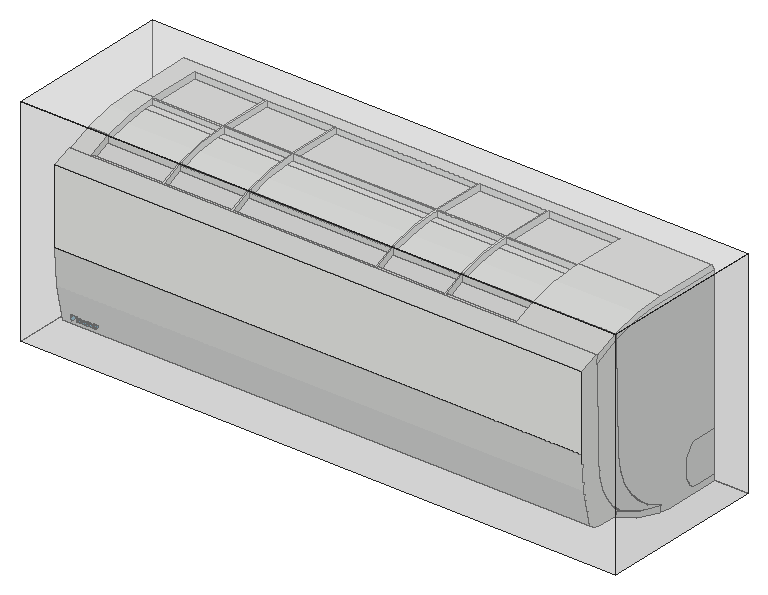
Revit family "outputfile", category 機械設備, Revit 2024
Family settings
  丸型コネクタ寸法 = 半径を使用
  パーツ タイプ = 標準
  OmniClass 番号 = 23.75.10.24.21.27.27
  OmniClass タイトル = Split System Air Conditioning Units
  作業面ベース = いいえ
  常に垂直 = はい
  ロード時にボイドで切り取り = いいえ
  注釈の向きを維持 = いいえ
  共有 = いいえ
  部屋計算ポイント = いいえ
Parameters (values of type "FTKC35TVM4")
  Description = ""
  書き出し IFC クラス(タイプ) = "IfcUnitaryEquipmentType"
  定義済み IFC タイプ(タイプ) = "AIRCONDITIONINGUNIT"
  Cost = 0
  Type Comments = ""
  Keynote = ""
  Type Image = (empty or 0)
  Assembly Code = ""
  w_wall hole = if(Width = 770.0 mm, 48.0 mm, 60.0 mm)  # 48.0 mm
  製造元 = "Daikin"
  モデル = "FTKC35TVM4"
  switch_frequency = yes
  r_Liquid Pipe Size = Liquid Pipe Size / 2  # 3.2 mm
  r_Gas Pipe Size = Gas Pipe Size / 2  # 4.75 mm
  r_Drain Pipe Size = Drain Pipe Size / 2  # 8.0 mm
  lw_powersupply [instance] = if(Width = 770.0 mm, if(or(Rear Right Connection_refrigerant, Bottom Right Connection_refrigerant), 30.0 mm, if(or(Rear Left Connection_refrigerant, Bottom Left Connection_refrigerant), 740.0 mm, 385.0 mm)), if(Width = 990.0 mm, if(or(Rear Right Connection_refrigerant, Bottom Right Connection_refrigerant), 80.0 mm, if(or(Rear Left Connection_refrigerant, Bottom Left Connection_refrigerant), 920.0 mm, 495.0 mm)), if(or(Rear Right Connection_refrigerant, Bottom Right Connection_refrigerant), 80.0 mm, if(or(Rear Left Connection_refrigerant, Bottom Left Connection_refrigerant), 920.0 mm, 495.0 mm))))  # 385.0 mm
  lw_liquidpipe [instance] = if(Width = 770.0 mm, if(or(Rear Right Connection_refrigerant, Bottom Right Connection_refrigerant), 0.0 mm, if(or(Rear Left Connection_refrigerant, Bottom Left Connection_refrigerant), 674.0 mm, 400.0 mm)), if(Width = 990.0 mm, if(or(Rear Right Connection_refrigerant, Bottom Right Connection_refrigerant), 9.0 mm, if(or(Rear Left Connection_refrigerant, Bottom Left Connection_refrigerant), 871.0 mm, 475.0 mm)), if(or(Rear Right Connection_refrigerant, Bottom Right Connection_refrigerant), 9.0 mm, if(or(Rear Left Connection_refrigerant, Bottom Left Connection_refrigerant), 871.0 mm, 475.0 mm))))  # 400.0 mm
  lw_gaspipe [instance] = if(Width = 770.0 mm, if(or(Rear Right Connection_refrigerant, Bottom Right Connection_refrigerant), 0.0 mm, if(or(Rear Left Connection_refrigerant, Bottom Left Connection_refrigerant), 674.0 mm, 350.0 mm)), if(Width = 990.0 mm, if(or(Rear Right Connection_refrigerant, Bottom Right Connection_refrigerant), 0.0 mm, if(or(Rear Left Connection_refrigerant, Bottom Left Connection_refrigerant), 880.0 mm, 400.0 mm)), if(or(Rear Right Connection_refrigerant, Bottom Right Connection_refrigerant), 0.0 mm, if(or(Rear Left Connection_refrigerant, Bottom Left Connection_refrigerant), 880.0 mm, 400.0 mm))))  # 350.0 mm
  lw_drainpipe [instance] = if(Width = 770.0 mm, if(or(Rear Right Connection_refrigerant, Bottom Right Connection_refrigerant), 0.0 mm, if(or(Rear Left Connection_refrigerant, Bottom Left Connection_refrigerant), 674.0 mm, 465.0 mm)), if(Width = 990.0 mm, if(or(Rear Right Connection_refrigerant, Bottom Right Connection_refrigerant), 0.0 mm, if(or(Rear Left Connection_refrigerant, Bottom Left Connection_refrigerant), 880.0 mm, 435.0 mm)), if(or(Rear Right Connection_refrigerant, Bottom Right Connection_refrigerant), 0.0 mm, if(or(Rear Left Connection_refrigerant, Bottom Left Connection_refrigerant), 880.0 mm, 435.0 mm))))  # 465.0 mm
  l_powersupply_length [instance] = if(Width = 770.0 mm, if(Right Connection_refrigerant, 385.0 mm, if(Left Connection_refrigerant, 385.0 mm, if(or(Rear Left Connection_refrigerant, Rear Right Connection_refrigerant), 15.0 mm, 50.0 mm))), if(Width = 990.0 mm, if(Right Connection_refrigerant, 495.0 mm, if(Left Connection_refrigerant, 495.0 mm, if(or(Rear Left Connection_refrigerant, Rear Right Connection_refrigerant), 15.0 mm, 50.0 mm))), if(Right Connection_refrigerant, 495.0 mm, if(Left Connection_refrigerant, 495.0 mm, if(or(Rear Left Connection_refrigerant, Rear Right Connection_refrigerant), 15.0 mm, 50.0 mm)))))  # 385.0 mm
  l_liquidpipe_length [instance] = if(Width = 770.0 mm, if(Right Connection_refrigerant, 448.0 mm, if(Left Connection_refrigerant, 322.0 mm, if(or(Rear Left Connection_refrigerant, Rear Right Connection_refrigerant), 30.0 mm, 40.0 mm))), if(Width = 990.0 mm, if(Right Connection_refrigerant, 535.0 mm, if(Left Connection_refrigerant, 455.0 mm, if(or(Rear Left Connection_refrigerant, Rear Right Connection_refrigerant), 30.0 mm, 40.0 mm))), if(Right Connection_refrigerant, 535.0 mm, if(Left Connection_refrigerant, 455.0 mm, if(or(Rear Left Connection_refrigerant, Rear Right Connection_refrigerant), 30.0 mm, 40.0 mm)))))  # 448.0 mm
  l_gaspipe_length [instance] = if(Width = 770.0 mm, if(Right Connection_refrigerant, 398.0 mm, if(Left Connection_refrigerant, 372.0 mm, if(or(Rear Left Connection_refrigerant, Rear Right Connection_refrigerant), 40.0 mm, 50.0 mm))), if(Width = 990.0 mm, if(Right Connection_refrigerant, 460.0 mm, if(Left Connection_refrigerant, 530.0 mm, if(or(Rear Left Connection_refrigerant, Rear Right Connection_refrigerant), 40.0 mm, 50.0 mm))), if(Right Connection_refrigerant, 460.0 mm, if(Left Connection_refrigerant, 530.0 mm, if(or(Rear Left Connection_refrigerant, Rear Right Connection_refrigerant), 40.0 mm, 50.0 mm)))))  # 398.0 mm
  l_drainpipe_length [instance] = if(Width = 770.0 mm, if(Right Connection_refrigerant, 513.0 mm, if(Left Connection_refrigerant, 257.0 mm, if(or(Rear Left Connection_refrigerant, Rear Right Connection_refrigerant), 15.0 mm, 20.0 mm))), if(Width = 990.0 mm, if(Right Connection_refrigerant, 495.0 mm, if(Left Connection_refrigerant, 495.0 mm, if(or(Rear Left Connection_refrigerant, Rear Right Connection_refrigerant), 15.0 mm, 20.0 mm))), if(Right Connection_refrigerant, 495.0 mm, if(Left Connection_refrigerant, 495.0 mm, if(or(Rear Left Connection_refrigerant, Rear Right Connection_refrigerant), 15.0 mm, 20.0 mm)))))  # 513.0 mm
  h*** = 0.0 mm  # constant formula
  connector_voltage = Voltage_50Hz  # 230 V
  connector_powerinput = [Power Input (Cooling)]  # 0.000 kW
  connector_phase = Phase_50Hz  # 1
  angle_vertical [instance] = if(or(Bottom Left Connection_refrigerant, Bottom Right Connection_refrigerant), 0.00°, 90.00°)  # 90.00°
  angle_horizontal [instance] = if(Right Connection_refrigerant, 90.00°, if(Left Connection_refrigerant, -90.00°, if(or(Rear Left Connection_refrigerant, Rear Right Connection_refrigerant), 180.00°, 0.00°)))  # 90.00°
  Width = 770.0 mm
  Voltage_comment_50Hz = "220 - 240"
  Voltage_50Hz = 230 V
  Version = "ver.1.0"
  Unit Type = "Wall Mounted"
  Unit Mass Weight = 8.00 kg
  Unit Designation [instance] = ""
  Uniclass2015Version = "Products v1.30"
  Uniclass2015Title = "Split coil room air conditioning units"
  Uniclass2015Code = "Pr_70_65_03_86"
  URL = ""
  Total Cooling Capacity [instance] = 0.000 kW
  Sound Pressure Level_M speed (dBA) = 34
  Sound Pressure Level_L speed (dBA) = 26
  Sound Pressure Level_H speed (dBA) = 40
  Sound Power Level_H speed (dB) = 0
  Series = "Single Split_Fan Coil Unit"
  Sensible Cooling Capacity [instance] = 0.000 kW
  Refrigerant Type = "R32"
  Power Input (Cooling) = 0.000 kW
  Phase_50Hz = 1
  Option Accessory 3 [instance] = ""
  Option Accessory 2 [instance] = ""
  Option Accessory 1 [instance] = ""
  Nominal Cooling Capacity = 3.500 kW
  Minimum Circuit Amps_50Hz = 0.0 A
  Minimum Airflow = 330.00 m³/h
  Median Airflow = 462.00 m³/h
  Maximum Fuse Amps_50Hz = 0.0 A
  Maximum Airflow = 678.00 m³/h
  Material_Casing = DAIKIN_PureWhite_Casing_indoorunit
  Load Classification = HVAC
  Liquid Pipe Size = 6.4 mm
  Link_Nested Family [instance] = ""
  IfcVersion = ""
  IfcExportType = "AIRCONDITIONINGUNIT"
  IfcExportAs = "IfcUnitaryEquipmentType"
  Height = 285.0 mm
  Heat Exchanger Type = "Cross Fin Coil"
  Gas Pipe Size = 9.5 mm
  Frequency_50Hz = 50 Hz
  Fan Type = "Cross Flow Fan"
  Fan Drive = "Direct Drive"
  FCU Tag No. [instance] = ""
  Drain Pipe Size = 16.0 mm
  Design Supply Airflow [instance] = 0.00 m³/h
  Depth = 242.0 mm
  既定の高さ = 0.0 mm
  Cooling Entering Wet Bulb Temperature [instance] = 0.00 °C
  Cooling Entering Dry Bulb Temperature [instance] = 0.00 °C
  Cooling Ambient Wet Bulb Temperature [instance] = 0.00 °C
  Cooling Ambient Dry Bulb Temperature [instance] = 0.00 °C
  Clearance visibility [instance] = yes
  Clearance Top = 30.0 mm
  Clearance Right = 50.0 mm
  Clearance Rear = 0.0 mm
  Clearance Left = 50.0 mm
  Clearance Front = 0.0 mm
  Clearance Bottom = 0.0 mm
  Bottom Right Connection_refrigerant [instance] = no
  Bottom Left Connection_refrigerant [instance] = no
  Rear Right Connection_refrigerant [instance] = no
  Rear Left Connection_refrigerant [instance] = no
  Right Connection_refrigerant [instance] = yes
  Left Connection_refrigerant [instance] = no
Reference planes
  plane 1 "Back": y = 0
  plane 2: z = 0
  plane 3 "Center (Left/Right)": x = 0
  plane 4 "Center (Front/Back)": y = -121
  plane 5 "Front": y = -242
  plane 6 "Left": x = -385
  plane 7 "Right": x = 385
  plane 8 "Top": z = 0
  plane 9 "Bottom": z = -285
  plane 10: x = -435
  plane 11: x = 435
  plane 12: y = 0
  plane 13: y = -242
  plane 14: z = 30
  plane 15: z = -285
  plane 16 "lw_Piping and Wiring intake": x = 337
  plane 17 "lw_gaspipe": x = -13
  plane 18 "lw_liquidpipe": x = -63
  plane 19 "lw_drainpipe": x = -128
  plane 20 "lh_drainpipe": z = -265
  plane 21 "lh_liquidpipe": z = -245
  plane 22 "lh_gaspipe": z = -235
  plane 23 "ld_drainpipe": y = -15
  plane 24 "ld_liquidpipe": y = -30
  plane 25 "ld_gaspipe": y = -40
  plane 26 "lw_powersupply": x = 0
Dimensions and locks
  equal spacing: plane 6 "Left", plane 3 "Center (Left/Right)", plane 7 "Right"
  "Width": plane 6 "Left" to plane 7 "Right"
  equal spacing: plane 5 "Front", plane 4 "Center (Front/Back)", plane 1 "Back"
  "Depth": plane 5 "Front" to plane 1 "Back"
  "Height": plane 8 "Top" to plane 9 "Bottom"
  "Clearance Rear": plane 12 to plane 1 "Back"
  "Clearance Front": plane 13 to plane 5 "Front"
  "Clearance Top": plane 14 to plane 8 "Top"
  "Clearance Bottom": plane 9 "Bottom" to plane 15
  "w_wall hole": plane 16 "lw_Piping and Wiring intake" to plane 7 "Right"
  "lw_gaspipe": plane 17 "lw_gaspipe" to plane 16 "lw_Piping and Wiring intake"
  "lw_liquidpipe": plane 18 "lw_liquidpipe" to plane 16 "lw_Piping and Wiring intake"
  "lw_drainpipe": plane 19 "lw_drainpipe" to plane 16 "lw_Piping and Wiring intake"
  locked: plane 20 "lh_drainpipe" to plane 9 "Bottom" at 20
  locked: plane 21 "lh_liquidpipe" to plane 9 "Bottom" at 40
  locked: plane 22 "lh_gaspipe" to plane 9 "Bottom" at 50
  locked: plane 23 "ld_drainpipe" to plane 1 "Back" at 15
  locked: plane 1 "Back" to plane 24 "ld_liquidpipe" at 30
  locked: plane 1 "Back" to plane 25 "ld_gaspipe" at 40
  "lw_powersupply": plane 26 "lw_powersupply" to plane 7 "Right"
  "Clearance Right": plane 7 "Right" to plane 11
  "Clearance Left": plane 10 to plane 6 "Left"
  aligned and locked: level to plane 2
  aligned and locked: plane 12 to nested 1
  aligned and locked: nested 1 to plane 13
  aligned and locked: plane 10 to nested 1
  aligned and locked: plane 11 to nested 1
  aligned and locked: plane 15 to nested 1
  aligned and locked: plane 14 to nested 1
  aligned and locked: plane 17 "lw_gaspipe" to nested 2
  aligned and locked: nested 2 to plane 25 "ld_gaspipe"
  aligned and locked: plane 18 "lw_liquidpipe" to nested 3
  aligned and locked: nested 3 to plane 24 "ld_liquidpipe"
  aligned and locked: plane 19 "lw_drainpipe" to nested 4
  aligned and locked: nested 4 to plane 23 "ld_drainpipe"
  aligned and locked: nested 5 to plane 23 "ld_drainpipe"
  aligned and locked: plane 26 "lw_powersupply" to nested 5
  aligned and locked: level to plane 8 "Top"
  aligned and locked: plane 3 "Center (Left/Right)" to nested 6
  aligned and locked: plane 8 "Top" to nested 6
  aligned and locked: plane 1 "Back" to nested 6
Nested families
  nested 1: "daikin_clearancespace" at (0, -121, -127.381), show <- "Clearance visibility", visible <- "Clearance visibility", Link_Nested Family <- "Link_Nested Family", type "daikin_clearancespace"
    with width 870.0 mm, show yes, height 315.0 mm, depth 242.0 mm, Link_Nested Family ""
  nested 2: "daikin_connector_rotate3" at (-13, -40, -235), angle_vertical <- "angle_vertical", angle_horizontal <- "angle_horizontal", length <- "l_gaspipe_length", radius <- "r_Gas Pipe Size", type "daikin_connector_rotate3"
    with show no, radius 4.75 mm, length 398.0 mm, angle_vertical 90.00°, angle_horizontal 90.00°
  nested 3: "daikin_connector_rotate3" at (-63, -30, -245), angle_vertical <- "angle_vertical", angle_horizontal <- "angle_horizontal", radius <- "r_Liquid Pipe Size", length <- "l_liquidpipe_length", type "daikin_connector_rotate3"
    with show no, radius 3.2 mm, length 448.0 mm, angle_vertical 90.00°, angle_horizontal 90.00°
  nested 4: "daikin_connector_rotate3" at (-128, -15, -265), angle_vertical <- "angle_vertical", angle_horizontal <- "angle_horizontal", length <- "l_drainpipe_length", radius <- "r_Drain Pipe Size", type "daikin_connector_rotate3"
    with show no, radius 8.0 mm, length 513.0 mm, angle_vertical 90.00°, angle_horizontal 90.00°
  nested 5: "daikin_connector_rotate3" at (0, -15, -235), angle_vertical <- "angle_vertical", angle_horizontal <- "angle_horizontal", length <- "l_powersupply_length", type "daikin_connector_rotate3"
    with show no, radius 10.0 mm, length 385.0 mm, angle_vertical 90.00°, angle_horizontal 90.00°
  nested 6: "DAIKIN_indoorunit_FTKC-TVM4" at (-31, 0, 0), type "FTKC-TVM4"
Connectors
  piping at (385, -40, -235), diameter 9.5, driven by "r_Gas Pipe Size"
    settings: on nested 2, index 1, connector inside diameter 609.6 mm, connector length 0.0 mm, flow factor 0, pipe flow 0.00 m³/h, pressure drop 0.0 Pa, fitting loss kfactor 0, connector angle 0.00°, fixture units 0, engagement length 0.0 mm, angle of deflection 0.00°, flow configuration 1, flow direction 2, fitting loss method 0, system type 29, joint type 0, gender type 0, connector reference index -1, connector utility 0, adjustable connector no, is connector primary yes, connector description "Refrigerant Gas Piping"
  piping at (385, -30, -245), diameter 6.4, driven by "r_Liquid Pipe Size"
    settings: on nested 3, index 2, connector inside diameter 609.6 mm, connector length 0.0 mm, flow factor 0, pipe flow 0.00 m³/h, pressure drop 0.0 Pa, fitting loss kfactor 0, connector angle 0.00°, fixture units 0, engagement length 0.0 mm, angle of deflection 0.00°, flow configuration 1, flow direction 1, fitting loss method 0, system type 29, joint type 0, gender type 0, connector reference index -1, connector utility 0, adjustable connector no, is connector primary no, connector description "Refrigerant Liquid Piping"
  piping at (385, -15, -265), diameter 16, driven by "r_Drain Pipe Size"
    settings: on nested 4, index 3, connector inside diameter 609.6 mm, connector length 0.0 mm, flow factor 0, pipe flow 0.00 m³/h, pressure drop 0.0 Pa, fitting loss kfactor 0, connector angle 0.00°, fixture units 0, engagement length 0.0 mm, angle of deflection 0.00°, flow configuration 1, flow direction 2, fitting loss method 4, system type 16, joint type 0, gender type 0, connector reference index -1, connector utility 0, adjustable connector no, is connector primary no, connector description "Condensate Drain Piping"
  electrical at (385, -15, -235), driven by "Load Classification", driven by "connector_voltage", driven by "connector_powerinput", driven by "connector_phase"
    settings: on nested 5, index 4, voltage 230 V, apparent load 0 VA, apparent load phase1 0 VA, apparent load phase2 0 VA, apparent load phase3 0 VA, power factor 1, load classification "HVAC", number of poles 1, system type 30, power factor state 1, is connector primary yes, connector utility no, sub classification motor no, connector description "Power Supply"
Definition of nested family "daikin_clearancespace"
  Parameters (values of type "daikin_clearancespace")
    Description = "daikin_clearancespace"
    width [instance] = 1823.963 mm
    show [instance] = yes
    material = none
    height [instance] = 1359.762 mm
    depth [instance] = 880.0 mm
    Default Elevation = 0.0 mm
    Link_Nested Family [instance] = ""
  Reference planes
    plane 1 "Center (Front/Back)": y = 0
    plane 2 "Center (Elevation)": z = -0.119
    plane 3 "Center (Left/Right)": x = 0
    plane 4: y = 440
    plane 5: y = -440
    plane 6 "Right": x = 911.982
    plane 7 "Left": x = -911.982
    plane 8 "Top": z = 679.762
    plane 9 "Bottom": z = -680
  Forms (mm)
    Extrusion 1, solid, material <- "material", visible <- "show"
      sketch origin (0, 0, 0) x (1, 0, 0) y (0, 1, 0)
        loop
          line (-911.982, 440) -> (-911.982, -440) -> (911.982, -440) -> (911.982, 440) -> (-911.982, 440)
      from -680 to 679.762
  Lines and regions (mm)
    symbolic lines, visible <- "show"
      curve 1: line (911.982, 440, 0) -> (-911.982, 440, 0)
      curve 2: line (-911.982, 440, 0) -> (-911.982, -440, 0)
      curve 3: line (-911.982, -440, 0) -> (911.982, -440, 0)
      curve 4: line (911.982, -440, 0) -> (911.982, 440, 0)
      curve 5: line (911.982, 0, 679.762) -> (-911.982, 0, 679.762)
      curve 6: line (911.982, 0, -680) -> (911.982, 0, 679.762)
      curve 7: line (-911.982, 0, -680) -> (911.982, 0, -680)
      curve 8: line (-911.982, 0, 679.762) -> (-911.982, 0, -680)
      curve 9: line (0, 440, 679.762) -> (0, -440, 679.762)
      curve 10: line (0, -440, 679.762) -> (0, -440, -680)
      curve 11: line (0, 440, -680) -> (0, 440, 679.762)
      curve 12: line (0, -440, -680) -> (0, 440, -680)
  Dimensions and locks
    "width": plane 7 "Left" to plane 6 "Right"
    "depth": plane 4 to plane 5
    "height": plane 8 "Top" to plane 9 "Bottom"
    equal spacing: plane 7 "Left", plane 3 "Center (Left/Right)", plane 6 "Right"
    equal spacing: plane 4, plane 1 "Center (Front/Back)", plane 5
    equal spacing: plane 8 "Top", plane 2 "Center (Elevation)", plane 9 "Bottom"
    aligned and locked: level to plane 2 "Center (Elevation)"
    aligned and locked: Extrusion 1 sketch curve to plane 4
    aligned and locked: plane 7 "Left" to Extrusion 1 sketch curve
    aligned and locked: Extrusion 1 sketch curve to plane 5
    aligned and locked: Extrusion 1 sketch curve to plane 6 "Right"
    aligned and locked: plane 8 "Top" to Extrusion 1
    aligned and locked: curve 1 to Extrusion 1
    aligned and locked: curve 2 to Extrusion 1
    aligned and locked: curve 3 to Extrusion 1
    aligned and locked: curve 4 to Extrusion 1
    aligned and locked: curve 5 to Extrusion 1
    aligned and locked: curve 6 to Extrusion 1
    aligned and locked: curve 7 to Extrusion 1
    aligned and locked: curve 8 to Extrusion 1
    aligned and locked: curve 9 to Extrusion 1
    aligned and locked: curve 10 to Extrusion 1
    aligned and locked: curve 11 to Extrusion 1
    aligned and locked: curve 12 to Extrusion 1
    aligned and locked: Extrusion 1 to plane 9 "Bottom"
Definition of nested family "DAIKIN_indoorunit_FTKC-TVM4"
  Parameters (values of type "FTKC-TVM4")
    switch_unit1_50-71 = Width = 990.0 mm  # no
    switch_unit1_15-35 = Width = 770.0 mm  # yes
    Width = 770.0 mm
    Material_Casing = none
    Height = if(Width = 770.0 mm, 285.0 mm, 295.0 mm)  # 285.0 mm
    Default Elevation = 0.0 mm
  Reference planes
    plane 1 "Center (Front/Back)": y = 0
    plane 2 "reference_level": z = 0
    plane 3 "Center (Left/Right)": x = 31
    plane 4: x = -354
    plane 5: x = 416
    plane 6: y = -242
    plane 7: z = -285
    plane 8: x = -464
    plane 9: x = 526
    plane 10: y = -281
    plane 11: z = -295
  Forms (mm)
    Extrusion 1, solid, material <- "Material_Casing", visible <- "switch_unit1_15-35"
      sketch origin (31, 0, 0) x (0, 1, 0) y (0, 0, 1)
        loop
          line (-181.516, -252.416) -> (-177.432, -245.341)
          arc (-177.432, -245.341) -> (-187.602, -234.721) -> (-196.157, -222.761) r 103
          arc (-196.157, -222.761) -> (-204.858, -204.875) -> (-209.959, -185.65) r 103
          arc (-209.959, -185.65) -> (-211.672, -172.918) -> (-212.646, -160.108) r 222
          arc (-212.646, -160.108) -> (-214.738, -92.842) -> (-214.74, -25.543) r 2166.704
          line (-214.74, -25.543) -> (-242, -36.1) -> (-242, -144.253)
          arc (-242, -144.253) -> (-238.127, -195.07) -> (-226.597, -244.714) r 335.315
          arc (-226.597, -244.714) -> (-218.704, -249.531) -> (-209.718, -251.715) r 30
          arc (-209.718, -251.715) -> (-195.628, -252.481) -> (-181.516, -252.416) r 239.767
      from -385 to 385
    Extrusion 2, solid, material <- "Material_Casing", visible <- "switch_unit1_15-35"
      sketch origin (31, 0, 0) x (0, 1, 0) y (0, 0, 1)
        loop
          line (0, -8.5) -> (-113.618, -8.5)
          arc (-113.618, -8.5) -> (-146.846, -12.967) -> (-179.138, -21.983) r 242
          arc (-179.138, -21.983) -> (-179.047, -97.761) -> (-175.674, -173.465) r 1749.053
          arc (-175.674, -173.465) -> (-151.972, -235.488) -> (-97.504, -273.461) r 112.896
          line (-97.504, -273.461) -> (-97.504, -283.03)
          arc (-97.504, -283.03) -> (-89.849, -284.138) -> (-82.162, -285) r 240
          line (-82.162, -285) -> (0, -285) -> (0, -8.5)
      from -385 to 385
    Extrusion 3, solid, material <- "Material_Casing", visible <- "switch_unit1_15-35"
      sketch origin (31, 0, 0) x (0, 1, 0) y (0, 0, 1)
        loop
          arc (-98, 0) -> (-139.118, -3.405) -> (-179.116, -13.525) r 250
          arc (-179.116, -13.525) -> (-179.134, -17.754) -> (-179.138, -21.983) r 1232.815
          arc (-179.138, -21.983) -> (-146.846, -12.967) -> (-113.618, -8.5) r 242
          line (-113.618, -8.5) -> (0, -8.5) -> (-5, 0) -> (-98, 0)
      from -385 to 385
    Extrusion 4, solid, material <- "Material_Casing", visible <- "switch_unit1_15-35"
      sketch origin (31, 0, 0) x (0, 1, 0) y (0, 0, 1)
        loop
          arc (-179.116, -13.525) -> (-196.73, -20.321) -> (-213.781, -28.427) r 250
          arc (-213.781, -28.427) -> (-213.841, -32.971) -> (-213.891, -37.516) r 2163.952
          arc (-213.891, -37.516) -> (-196.821, -29.065) -> (-179.138, -21.983) r 242
          arc (-179.138, -21.983) -> (-179.134, -17.754) -> (-179.116, -13.525) r 1232.815
      from -385 to 385
    Extrusion 5, solid, material <- "Material_Casing", visible <- "switch_unit1_15-35"
      sketch origin (31, 0, 0) x (0, 1, 0) y (0, 0, 1)
        loop
          arc (-179.138, -21.983) -> (-196.821, -29.065) -> (-213.891, -37.516) r 242
          arc (-213.891, -37.516) -> (-213.638, -98.737) -> (-211.653, -159.927) r 2163.952
          arc (-211.653, -159.927) -> (-210.685, -172.747) -> (-208.973, -185.489) r 221
          arc (-208.973, -185.489) -> (-197.132, -219.133) -> (-174.432, -246.644) r 102
          arc (-174.432, -246.644) -> (-137.432, -263.767) -> (-98, -274.128) r 231.303
          line (-98, -274.128) -> (-98, -273.301)
          arc (-98, -273.301) -> (-152.132, -235.283) -> (-175.674, -173.465) r 112.896
          arc (-175.674, -173.465) -> (-179.047, -97.761) -> (-179.138, -21.983) r 1749.053
      from -385 to 385
    Extrusion 6, solid, material <- "Material_Casing", visible <- "switch_unit1_15-35"
      sketch origin (31, 0, 0) x (0, 1, 0) y (0, 0, 1)
        loop
          arc (-99, -274.668) -> (-139.156, -263.909) -> (-176.747, -246.156) r 232
          line (-176.747, -246.156) -> (-180.748, -253.084)
          arc (-180.748, -253.084) -> (-141.23, -271.668) -> (-99, -282.784) r 240
          line (-99, -282.784) -> (-99, -274.668)
      from 334 to 385
    Extrusion 7, solid, material <- "Material_Casing", visible <- "switch_unit1_15-35"
      sketch origin (31, 0, 0) x (0, 1, 0) y (0, 0, 1)
        loop
          arc (-99, -274.668) -> (-139.156, -263.909) -> (-176.747, -246.156) r 232
          line (-176.747, -246.156) -> (-180.748, -253.084)
          arc (-180.748, -253.084) -> (-141.23, -271.668) -> (-99, -282.784) r 240
          line (-99, -282.784) -> (-99, -274.668)
      from 267 to 333
    Extrusion 8, solid, material <- "Material_Casing", visible <- "switch_unit1_15-35"
      sketch origin (31, 0, 0) x (0, 1, 0) y (0, 0, 1)
        loop
          arc (-99, -274.668) -> (-139.156, -263.909) -> (-176.747, -246.156) r 232
          line (-176.747, -246.156) -> (-180.748, -253.084)
          arc (-180.748, -253.084) -> (-141.23, -271.668) -> (-99, -282.784) r 240
          line (-99, -282.784) -> (-99, -274.668)
      from -385 to -338.5
    Extrusion 9, solid, material <- "Material_Casing", visible <- "switch_unit1_15-35"
      sketch origin (31, 0, 0) x (0, 1, 0) y (0, 0, 1)
        loop
          arc (-118.787, -270.332) -> (-148.589, -260.214) -> (-176.747, -246.156) r 232
          line (-176.747, -246.156) -> (-180.748, -253.084)
          arc (-180.748, -253.084) -> (-152.638, -267.191) -> (-122.926, -277.5) r 240
          line (-122.926, -277.5) -> (-118.787, -270.332)
      from -335.5 to 264.6
    Extrusion 10, solid, material <- "Material_Casing", visible <- "switch_unit1_15-35"
      sketch origin (31, 0, 0) x (0, 1, 0) y (0, 0, 1)
        loop
          line (0, -276.246) -> (0, -216.246) -> (-30, -216.246)
          arc (-30, -216.246) -> (-44.142, -222.104) -> (-50, -236.246) r 20
          line (-50, -236.246) -> (-50, -256.246)
          arc (-50, -256.246) -> (-44.142, -270.388) -> (-30, -276.246) r 20
          line (-30, -276.246) -> (0, -276.246)
      from 380 to 385
    Extrusion 11, solid, material <- "Material_Casing", visible <- "switch_unit1_15-35"
      sketch origin (-734, 0, 0) x (0, 1, 0) y (0, 0, 1)
        loop
          line (0, -276.246) -> (0, -216.246) -> (-30, -216.246)
          arc (-30, -216.246) -> (-44.142, -222.104) -> (-50, -236.246) r 20
          line (-50, -236.246) -> (-50, -256.246)
          arc (-50, -256.246) -> (-44.142, -270.388) -> (-30, -276.246) r 20
          line (-30, -276.246) -> (0, -276.246)
      from 380 to 385
    Extrusion 12, solid, material <- "Material_Casing", visible <- "switch_unit1_15-35"
      sketch origin (4267.2, -957.059, -285) x (0, -1, 0) y (1, 0, 0)
        loop
          line (-957.059, -4610.2) -> (-927.059, -4610.2)
          arc (-927.059, -4610.2) -> (-912.917, -4604.342) -> (-907.059, -4590.2) r 20
          line (-907.059, -4590.2) -> (-907.059, -4570.2)
          arc (-907.059, -4570.2) -> (-912.917, -4556.058) -> (-927.059, -4550.2) r 20
          line (-927.059, -4550.2) -> (-957.059, -4550.2) -> (-957.059, -4610.2)
        loop
          line (-957.059, -3922.2) -> (-927.059, -3922.2)
          arc (-927.059, -3922.2) -> (-912.917, -3916.342) -> (-907.059, -3902.2) r 20
          line (-907.059, -3902.2) -> (-907.059, -3882.2)
          arc (-907.059, -3882.2) -> (-912.917, -3868.058) -> (-927.059, -3862.2) r 20
          line (-927.059, -3862.2) -> (-957.059, -3862.2) -> (-957.059, -3922.2)
      from 0 to 5
    Extrusion 13, solid, material <- "Material_Casing", visible <- "switch_unit1_15-35"
      sketch origin (0, 0, 0) x (1, 0, 0) y (0, 0, 1)
        loop
          circle (-306, -240.5) r 32.5
        loop
          circle (368, -240.5) r 32.5
      from 0 to 5
    Extrusion 14, void
      sketch origin (0, 0, 0) x (1, 0, 0) y (0, 1, 0)
        loop
          line (-324.5, -23.5) -> (-324.5, -100) -> (-221, -100) -> (-221, -23.5) -> (-324.5, -23.5)
        loop
          line (-324.5, -102) -> (-324.5, -180.5) -> (-221, -180.5) -> (-221, -102) -> (-324.5, -102)
        loop
          line (-221, -181.5) -> (-324.5, -181.5) -> (-324.5, -210) -> (-221, -210) -> (-221, -181.5)
        loop
          line (-219, -23.5) -> (-219, -100) -> (-120, -100) -> (-120, -23.5) -> (-219, -23.5)
        loop
          line (-219, -102) -> (-219, -180.5) -> (-120, -180.5) -> (-120, -102) -> (-219, -102)
        loop
          line (-120, -181.5) -> (-219, -181.5) -> (-219, -210) -> (-120, -210) -> (-120, -181.5)
        loop
          line (92, -23.5) -> (92, -100) -> (191, -100) -> (191, -23.5) -> (92, -23.5)
        loop
          line (92, -102) -> (92, -180.5) -> (191, -180.5) -> (191, -102) -> (92, -102)
        loop
          line (191, -181.5) -> (92, -181.5) -> (92, -210) -> (191, -210) -> (191, -181.5)
        loop
          line (193, -23.5) -> (193, -100) -> (296.5, -100) -> (296.5, -23.5) -> (193, -23.5)
        loop
          line (193, -102) -> (193, -180.5) -> (296.5, -180.5) -> (296.5, -102) -> (193, -102)
        loop
          line (296.5, -181.5) -> (193, -181.5) -> (193, -210) -> (296.5, -210) -> (296.5, -181.5)
        loop
          line (-118, -23.5) -> (-118, -100) -> (90, -100) -> (90, -23.5) -> (-118, -23.5)
        loop
          line (-118, -102) -> (-118, -180.5) -> (90, -180.5) -> (90, -102) -> (-118, -102)
        loop
          line (-118, -181.5) -> (-118, -210) -> (90, -210) -> (90, -181.5) -> (-118, -181.5)
      from -45.568 to 39.59
    Extrusion 15, solid, material <- "Material_Casing", visible <- "switch_unit1_50-71"
      sketch origin (31, 0, 0) x (0, 1, 0) y (0, 0, 1)
        loop
          line (-219.505, -253.208) -> (-214.063, -245.993)
          arc (-214.063, -245.993) -> (-226.305, -232.688) -> (-235.972, -217.41) r 100.737
          arc (-235.972, -217.41) -> (-246.359, -189.681) -> (-251.069, -160.448) r 149.292
          arc (-251.069, -160.448) -> (-253.267, -112.746) -> (-254, -65) r 1555.387
          line (-254, -65) -> (-254, -22.209) -> (-280.96, -32.522) -> (-281, -65.309)
          arc (-281, -65.309) -> (-280.275, -112.896) -> (-278.119, -160.439) r 1582.495
          arc (-278.119, -160.439) -> (-274.11, -202.042) -> (-267, -243.228) r 558.201
          arc (-267, -243.228) -> (-249.058, -250.67) -> (-229.801, -253.208) r 74.313
          line (-229.801, -253.208) -> (-219.505, -253.208)
      from -495 to 495
    Extrusion 16, solid, material <- "Material_Casing", visible <- "switch_unit1_50-71"
      sketch origin (31, 0, 0) x (0, 1, 0) y (0, 0, 1)
        loop
          arc (-100.5, -284.747) -> (-179.919, -239.801) -> (-212.343, -154.5) r 134.438
          arc (-212.343, -154.5) -> (-213.586, -109.758) -> (-214, -65) r 2418.229
          line (-214, -65) -> (-214, -20.481)
          arc (-214, -20.481) -> (-233.83, -27.507) -> (-253, -36.176) r 250
          line (-253, -36.176) -> (-253, -65)
          arc (-253, -65) -> (-252.267, -112.716) -> (-250.07, -160.386) r 1554.382
          arc (-250.07, -160.386) -> (-245.365, -189.53) -> (-234.983, -217.165) r 148.387
          arc (-234.983, -217.165) -> (-218.057, -240.73) -> (-195.079, -258.444) r 100
          arc (-195.079, -258.444) -> (-149.468, -277.868) -> (-100.5, -285.595) r 201.939
          line (-100.5, -285.595) -> (-100.5, -284.747)
      from -495 to 495
    Extrusion 17, solid, material <- "Material_Casing", visible <- "switch_unit1_50-71"
      sketch origin (31, 0, 0) x (0, 1, 0) y (0, 0, 1)
        loop
          arc (-214, -65) -> (-213.586, -109.758) -> (-212.343, -154.5) r 2418.229
          arc (-212.343, -154.5) -> (-178.254, -241.703) -> (-95.5, -285.502) r 134.438
          line (-95.5, -285.502) -> (-95.5, -295) -> (0, -295) -> (0, -9) -> (-140.5, -9)
          arc (-140.5, -9) -> (-177.696, -11.888) -> (-214, -20.481) r 241
          line (-214, -20.481) -> (-214, -65)
      from -495 to 495
    Extrusion 18, solid, material <- "Material_Casing", visible <- "switch_unit1_50-71"
      sketch origin (31, 0, 0) x (0, 1, 0) y (0, 0, 1)
        loop
          line (-213.317, -246.664) -> (-219.196, -254.466)
          arc (-219.196, -254.466) -> (-168.535, -282.168) -> (-112.23, -294.964) r 209.168
          arc (-112.23, -294.964) -> (-111.806, -294.991) -> (-111.381, -295) r 10
          line (-111.381, -295) -> (-96.5, -295) -> (-96.5, -286) -> (-111.136, -286)
          arc (-111.136, -286) -> (-154.838, -277.36) -> (-195.568, -259.316) r 201.22
          arc (-195.568, -259.316) -> (-204.785, -253.47) -> (-213.317, -246.664) r 101
      from 445 to 495
    Extrusion 19, solid, material <- "Material_Casing", visible <- "switch_unit1_50-71"
      sketch origin (-464, 2327.908, 1200) x (0, 1, 0) y (0, 0, 1)
        loop
          line (-2541.225, -1446.664) -> (-2547.104, -1454.466)
          arc (-2547.104, -1454.466) -> (-2496.443, -1482.168) -> (-2440.138, -1494.964) r 209.168
          arc (-2440.138, -1494.964) -> (-2439.714, -1494.991) -> (-2439.289, -1495) r 10
          line (-2439.289, -1495) -> (-2424.408, -1495) -> (-2424.408, -1486) -> (-2439.044, -1486)
          arc (-2439.044, -1486) -> (-2482.746, -1477.36) -> (-2523.476, -1459.316) r 201.22
          arc (-2523.476, -1459.316) -> (-2532.693, -1453.47) -> (-2541.225, -1446.664) r 101
      from 0 to 45
    Extrusion 20, solid, material <- "Material_Casing", visible <- "switch_unit1_50-71"
      sketch origin (31, 0, 0) x (0, 1, 0) y (0, 0, 1)
        loop
          line (-213.317, -246.664) -> (-219.196, -254.466)
          arc (-219.196, -254.466) -> (-168.535, -282.168) -> (-112.23, -294.964) r 209.168
          arc (-112.23, -294.964) -> (-111.806, -294.991) -> (-111.381, -295) r 10
          line (-111.381, -295) -> (-96.5, -295) -> (-96.5, -286) -> (-111.136, -286)
          arc (-111.136, -286) -> (-154.838, -277.36) -> (-195.568, -259.316) r 201.22
          arc (-195.568, -259.316) -> (-204.785, -253.47) -> (-213.317, -246.664) r 101
      from 348 to 444
    Extrusion 21, solid, material <- "Material_Casing", visible <- "switch_unit1_50-71"
      sketch origin (31, 0, 0) x (0, 1, 0) y (0, 0, 1)
        loop
          line (-213.317, -246.664) -> (-219.196, -254.466)
          arc (-219.196, -254.466) -> (-180.878, -277.039) -> (-138.653, -291) r 209.168
          line (-138.653, -291) -> (-132.632, -283.01)
          arc (-132.632, -283.01) -> (-165.097, -273.811) -> (-195.568, -259.316) r 201.22
          arc (-195.568, -259.316) -> (-204.785, -253.47) -> (-213.317, -246.664) r 101
      from -442 to 343
    Extrusion 22, solid, material <- "Material_Casing", visible <- "switch_unit1_50-71"
      sketch origin (31, 0, 0) x (0, 1, 0) y (0, 0, 1)
        loop
          arc (-214, -11.049) -> (-233.83, -18.074) -> (-253, -26.743) r 250
          line (-253, -26.743) -> (-253, -36.176)
          arc (-253, -36.176) -> (-233.83, -27.507) -> (-214, -20.481) r 250
          line (-214, -20.481) -> (-214, -11.049)
      from -495 to 495
    Extrusion 23, solid, material <- "Material_Casing", visible <- "switch_unit1_50-71"
      sketch origin (31, 0, 0) x (0, 1, 0) y (0, 0, 1)
        loop
          arc (-140.5, 0) -> (-177.663, -2.778) -> (-214, -11.049) r 250
          line (-214, -11.049) -> (-214, -20.481)
          arc (-214, -20.481) -> (-177.696, -11.888) -> (-140.5, -9) r 241
          line (-140.5, -9) -> (0, -9) -> (-5, 0) -> (-140.5, 0)
      from -495 to 495
    Extrusion 24, void
      sketch origin (0, 0, 0) x (1, 0, 0) y (0, 1, 0)
        loop
          line (-434, -22.7) -> (-434, -107.9) -> (-332, -107.9) -> (-332, -22.7) -> (-434, -22.7)
        loop
          line (-332, -116.9) -> (-434, -116.9) -> (-434, -183.4) -> (-332, -183.4) -> (-332, -116.9)
        loop
          line (-332, -187.9) -> (-434, -187.9) -> (-434, -231.9) -> (-332, -231.9) -> (-332, -187.9)
        loop
          line (-327.8, -22.7) -> (-327.8, -107.9) -> (-229.6, -107.9) -> (-229.6, -22.7) -> (-327.8, -22.7)
        loop
          line (-229.6, -116.9) -> (-327.8, -116.9) -> (-327.8, -183.4) -> (-229.6, -183.4) -> (-229.6, -116.9)
        loop
          line (-229.6, -187.9) -> (-327.8, -187.9) -> (-327.8, -231.9) -> (-229.6, -231.9) -> (-229.6, -187.9)
        loop
          line (-225.4, -22.7) -> (-225.4, -107.9) -> (-127.2, -107.9) -> (-127.2, -22.7) -> (-225.4, -22.7)
        loop
          line (-127.2, -116.9) -> (-225.4, -116.9) -> (-225.4, -183.4) -> (-127.2, -183.4) -> (-127.2, -116.9)
        loop
          line (-127.2, -187.9) -> (-225.4, -187.9) -> (-225.4, -231.9) -> (-127.2, -231.9) -> (-127.2, -187.9)
        loop
          line (-123, -22.7) -> (-123, -107.9) -> (-26, -107.9) -> (-26, -22.7) -> (-123, -22.7)
        loop
          line (-26, -116.9) -> (-123, -116.9) -> (-123, -183.4) -> (-26, -183.4) -> (-26, -116.9)
        loop
          line (-26, -187.9) -> (-123, -187.9) -> (-123, -231.9) -> (-26, -231.9) -> (-26, -187.9)
        loop
          line (396, -22.7) -> (294, -22.7) -> (294, -107.9) -> (396, -107.9) -> (396, -22.7)
        loop
          line (294, -116.9) -> (294, -183.4) -> (396, -183.4) -> (396, -116.9) -> (294, -116.9)
        loop
          line (294, -187.9) -> (294, -231.9) -> (396, -231.9) -> (396, -187.9) -> (294, -187.9)
        loop
          line (289.8, -22.7) -> (191.6, -22.7) -> (191.6, -107.9) -> (289.8, -107.9) -> (289.8, -22.7)
        loop
          line (191.6, -116.9) -> (191.6, -183.4) -> (289.8, -183.4) -> (289.8, -116.9) -> (191.6, -116.9)
        loop
          line (191.6, -187.9) -> (191.6, -231.9) -> (289.8, -231.9) -> (289.8, -187.9) -> (191.6, -187.9)
        loop
          line (187.4, -22.7) -> (89.2, -22.7) -> (89.2, -107.9) -> (187.4, -107.9) -> (187.4, -22.7)
        loop
          line (89.2, -116.9) -> (89.2, -183.4) -> (187.4, -183.4) -> (187.4, -116.9) -> (89.2, -116.9)
        loop
          line (89.2, -187.9) -> (89.2, -231.9) -> (187.4, -231.9) -> (187.4, -187.9) -> (89.2, -187.9)
        loop
          line (85, -22.7) -> (-12, -22.7) -> (-12, -107.9) -> (85, -107.9) -> (85, -22.7)
        loop
          line (-12, -116.9) -> (-12, -183.4) -> (85, -183.4) -> (85, -116.9) -> (-12, -116.9)
        loop
          line (-12, -187.9) -> (-12, -231.9) -> (85, -231.9) -> (85, -187.9) -> (-12, -187.9)
      from -47.376 to 34.635
    Extrusion 25, solid, material <- "Material_Casing", visible <- "switch_unit1_50-71"
      sketch origin (31, 0, 0) x (0, 1, 0) y (0, 0, 1)
        loop
          line (0, -287) -> (0, -214.4) -> (-35.8, -214.4)
          arc (-35.8, -214.4) -> (-52.771, -221.429) -> (-59.8, -238.4) r 24
          line (-59.8, -238.4) -> (-59.8, -263)
          arc (-59.8, -263) -> (-52.771, -279.971) -> (-35.8, -287) r 24
          line (-35.8, -287) -> (0, -287)
      from 490 to 495
    Extrusion 26, solid, material <- "Material_Casing", visible <- "switch_unit1_50-71"
      sketch origin (-954, 0, 0) x (0, 1, 0) y (0, 0, 1)
        loop
          line (0, -287) -> (0, -214.4) -> (-35.8, -214.4)
          arc (-35.8, -214.4) -> (-52.771, -221.429) -> (-59.8, -238.4) r 24
          line (-59.8, -238.4) -> (-59.8, -263)
          arc (-59.8, -263) -> (-52.771, -279.971) -> (-35.8, -287) r 24
          line (-35.8, -287) -> (0, -287)
      from 490 to 495
    Extrusion 27, solid, material <- "Material_Casing", visible <- "switch_unit1_50-71"
      sketch origin (0, 0, 0) x (1, 0, 0) y (0, 0, 1)
        loop
          circle (-416, -250.5) r 40
        loop
          circle (466, -250.5) r 40
      from 0 to 5
    Extrusion 28, solid, material <- "Material_Casing", visible <- "switch_unit1_50-71"
      sketch origin (4267.2, -957.059, -295) x (0, -1, 0) y (1, 0, 0)
        loop
          line (-957.059, -4705) -> (-921.259, -4705)
          arc (-921.259, -4705) -> (-904.289, -4697.971) -> (-897.259, -4681) r 24
          line (-897.259, -4681) -> (-897.259, -4656.4)
          arc (-897.259, -4656.4) -> (-904.289, -4639.429) -> (-921.259, -4632.4) r 24
          line (-921.259, -4632.4) -> (-957.059, -4632.4) -> (-957.059, -4705)
        loop
          line (-957.059, -3840) -> (-921.259, -3840)
          arc (-921.259, -3840) -> (-904.289, -3832.971) -> (-897.259, -3816) r 24
          line (-897.259, -3816) -> (-897.259, -3791.4)
          arc (-897.259, -3791.4) -> (-904.289, -3774.429) -> (-921.259, -3767.4) r 24
          line (-921.259, -3767.4) -> (-957.059, -3767.4) -> (-957.059, -3840)
      from 0 to 5
  Cuts and joins
    Extrusion 14 cuts Extrusion 4
    Extrusion 14 cuts Extrusion 3
    Extrusion 24 cuts Extrusion 22
    joined: Extrusion 16, Extrusion 22
    Extrusion 24 cuts Extrusion 23
    joined: Extrusion 17, Extrusion 23
  Dimensions and locks
    plane 4 to plane 5 = 770.0 mm
    equal spacing: plane 4, plane 3 "Center (Left/Right)", plane 5
    plane 6 to plane 1 "Center (Front/Back)" = 242.0 mm
    level to plane 7 = 285.0 mm
    locked: Extrusion 13 sketch curve to plane 4 at 48
    locked: plane 5 to Extrusion 13 sketch curve at 48
    locked: Extrusion 13 sketch curve to plane 7 at 44.5  (x2)
    locked: nested 1 to plane 4 at 15
    plane 8 to plane 9 = 990.0 mm
    equal spacing: plane 8, plane 3 "Center (Left/Right)", plane 9
    plane 10 to plane 1 "Center (Front/Back)" = 281.0 mm
    plane 2 "reference_level" to plane 11 = 295.0 mm
    locked: nested 2 to plane 8 at 15
    radius of Extrusion 13 sketch curve = 32.5 mm  (x2)
    radius of Extrusion 27 sketch curve = 40.0 mm  (x2)
    aligned and locked: level to plane 2 "reference_level"
  Automatic sketch dimensions
    Extrusion 1 sketch curve to Extrusion 1 sketch curve = 0.0 mm  (x2)
    Extrusion 1 sketch curve to plane 6 = 0.0 mm
    Extrusion 1 sketch curve to plane 6 = 27.26 mm
    Extrusion 1 sketch curve to plane 6 = 34.79 mm
    Extrusion 1 sketch curve to level = 12.788 mm
    Extrusion 1 sketch curve to Extrusion 1 sketch curve = 25.072 mm
    Extrusion 1 sketch curve to Extrusion 1 sketch curve = 25.693 mm
    Extrusion 1 sketch curve to Extrusion 1 sketch curve = 4.085 mm
    Extrusion 1 sketch curve to Extrusion 1 sketch curve = 69.113 mm
    Extrusion 1 sketch curve to plane 1 "Center (Front/Back)" = 9.11 mm
    Extrusion 1 sketch curve to Extrusion 1 sketch curve = 84.204 mm
    Extrusion 1 sketch curve to level = 59.12 mm
    Extrusion 1 sketch curve to Extrusion 1 sketch curve = 1858.389 mm
    plane 7 to Extrusion 1 sketch curve = 140.747 mm
    Extrusion 1 sketch curve to Extrusion 1 sketch curve = 5.448 mm
    Extrusion 1 sketch curve to Extrusion 1 sketch curve = 19.271 mm
    plane 7 to Extrusion 1 sketch curve = 63.18 mm
    Extrusion 1 sketch curve to Extrusion 1 sketch curve = 23.521 mm
    Extrusion 1 sketch curve to Extrusion 1 sketch curve = 7.075 mm
    Extrusion 1 sketch curve to level = 36.1 mm
    Extrusion 1 sketch curve to level = 25.543 mm
    Extrusion 1 sketch curve to plane 6 = 15.403 mm
    Extrusion 1 sketch curve to Extrusion 1 sketch curve = 2.686 mm
    Extrusion 1 sketch curve to Extrusion 1 sketch curve = 11.052 mm
    Extrusion 2 sketch curve to plane 7 = 0.0 mm
    Extrusion 2 sketch curve to plane 1 "Center (Front/Back)" = 0.0 mm
    plane 1 "Center (Front/Back)" to Extrusion 2 sketch curve = 59.278 mm
    plane 1 "Center (Front/Back)" to Extrusion 2 sketch curve = 63.028 mm
    Extrusion 2 sketch curve to Extrusion 2 sketch curve = 82.162 mm
    plane 7 to Extrusion 2 sketch curve = 1.97 mm
    Extrusion 2 sketch curve to Extrusion 2 sketch curve = 15.342 mm
    plane 7 to Extrusion 2 sketch curve = 11.539 mm
    Extrusion 2 sketch curve to Extrusion 2 sketch curve = 0.0 mm
    Extrusion 2 sketch curve to Extrusion 2 sketch curve = 0.565 mm
    Extrusion 2 sketch curve to level = 8.5 mm
    Extrusion 2 sketch curve to Extrusion 2 sketch curve = 54.34 mm
    Extrusion 2 sketch curve to level = 57.766 mm
    Extrusion 2 sketch curve to plane 1 "Center (Front/Back)" = 1569.548 mm
    Extrusion 2 sketch curve to Extrusion 2 sketch curve = 23.461 mm
    Extrusion 2 sketch curve to Extrusion 2 sketch curve = 84.042 mm
    Extrusion 2 sketch curve to plane 6 = 66.326 mm
    Extrusion 3 sketch curve to level = 0.0 mm
    Extrusion 3 sketch curve to plane 1 "Center (Front/Back)" = 0.0 mm
    plane 1 "Center (Front/Back)" to Extrusion 3 sketch curve = 5.0 mm
    Extrusion 3 sketch curve to Extrusion 3 sketch curve = 93.0 mm
    Extrusion 3 sketch curve to Extrusion 3 sketch curve = 0.07 mm
    Extrusion 3 sketch curve to level = 8.5 mm
    Extrusion 3 sketch curve to Extrusion 3 sketch curve = 15.618 mm
    Extrusion 3 sketch curve to level = 21.073 mm
    Extrusion 3 sketch curve to plane 1 "Center (Front/Back)" = 1053.676 mm
    plane 7 to Extrusion 3 sketch curve = 35.0 mm
    Extrusion 3 sketch curve to Extrusion 3 sketch curve = 0.0 mm
    Extrusion 3 sketch curve to level = 13.525 mm
    plane 7 to Extrusion 4 sketch curve = 35.0 mm
    plane 1 "Center (Front/Back)" to Extrusion 4 sketch curve = 98.07 mm
    Extrusion 4 sketch curve to Extrusion 4 sketch curve = 0.07 mm
    Extrusion 4 sketch curve to level = 21.073 mm
    Extrusion 4 sketch curve to plane 1 "Center (Front/Back)" = 1053.676 mm
    Extrusion 4 sketch curve to level = 59.178 mm
    Extrusion 4 sketch curve to Extrusion 4 sketch curve = 896.276 mm
    Extrusion 4 sketch curve to Extrusion 4 sketch curve = 0.0 mm
    Extrusion 4 sketch curve to level = 13.525 mm
    Extrusion 4 sketch curve to plane 6 = 62.884 mm
    Extrusion 4 sketch curve to Extrusion 4 sketch curve = 0.023 mm
    Extrusion 4 sketch curve to plane 6 = 28.219 mm
    plane 1 "Center (Front/Back)" to Extrusion 5 sketch curve = 108.319 mm
    Extrusion 5 sketch curve to Extrusion 5 sketch curve = 10.249 mm
    plane 7 to Extrusion 5 sketch curve = 11.699 mm
    Extrusion 5 sketch curve to Extrusion 5 sketch curve = 0.07 mm
    Extrusion 5 sketch curve to Extrusion 5 sketch curve = 45.291 mm
    Extrusion 5 sketch curve to level = 46.109 mm
    plane 1 "Center (Front/Back)" to Extrusion 5 sketch curve = 59.163 mm
    Extrusion 5 sketch curve to plane 1 "Center (Front/Back)" = 9.11 mm
    Extrusion 5 sketch curve to level = 57.766 mm
    Extrusion 5 sketch curve to Extrusion 5 sketch curve = 1560.438 mm
    Extrusion 5 sketch curve to level = 59.178 mm
    Extrusion 5 sketch curve to Extrusion 5 sketch curve = 380.404 mm
    Extrusion 5 sketch curve to Extrusion 5 sketch curve = 0.828 mm
    Extrusion 5 sketch curve to Extrusion 5 sketch curve = 23.301 mm
    Extrusion 5 sketch curve to Extrusion 5 sketch curve = 81.029 mm
    Extrusion 5 sketch curve to Extrusion 5 sketch curve = 3.012 mm
    Extrusion 5 sketch curve to Extrusion 5 sketch curve = 16.258 mm
    plane 7 to Extrusion 5 sketch curve = 38.356 mm
    Extrusion 5 sketch curve to Extrusion 5 sketch curve = 33.299 mm
    Extrusion 5 sketch curve to level = 21.983 mm
    Extrusion 5 sketch curve to Extrusion 5 sketch curve = 0.0 mm
    Extrusion 5 sketch curve to Extrusion 5 sketch curve = 2.68 mm
    Extrusion 6 sketch curve to Extrusion 6 sketch curve = 0.0 mm  (x3)
    Extrusion 6 sketch curve to plane 6 = 61.252 mm
    Extrusion 6 sketch curve to Extrusion 6 sketch curve = 4.0 mm
    plane 7 to Extrusion 6 sketch curve = 10.332 mm
    Extrusion 6 sketch curve to Extrusion 6 sketch curve = 77.747 mm
    plane 7 to Extrusion 6 sketch curve = 2.216 mm
    plane 1 "Center (Front/Back)" to Extrusion 6 sketch curve = 59.278 mm
    Extrusion 6 sketch curve to Extrusion 6 sketch curve = 21.583 mm
    Extrusion 7 sketch curve to Extrusion 7 sketch curve = 0.0 mm  (x3)
    Extrusion 7 sketch curve to plane 6 = 61.252 mm
    Extrusion 7 sketch curve to Extrusion 7 sketch curve = 4.0 mm
    plane 7 to Extrusion 7 sketch curve = 10.332 mm
    Extrusion 7 sketch curve to Extrusion 7 sketch curve = 77.747 mm
    plane 7 to Extrusion 7 sketch curve = 2.216 mm
    plane 1 "Center (Front/Back)" to Extrusion 7 sketch curve = 59.278 mm
    Extrusion 7 sketch curve to Extrusion 7 sketch curve = 21.583 mm
    Extrusion 8 sketch curve to Extrusion 8 sketch curve = 0.0 mm  (x3)
    Extrusion 8 sketch curve to plane 6 = 61.252 mm
    Extrusion 8 sketch curve to Extrusion 8 sketch curve = 4.0 mm
    plane 7 to Extrusion 8 sketch curve = 10.332 mm
    Extrusion 8 sketch curve to Extrusion 8 sketch curve = 77.747 mm
    plane 7 to Extrusion 8 sketch curve = 2.216 mm
    plane 1 "Center (Front/Back)" to Extrusion 8 sketch curve = 59.278 mm
    Extrusion 8 sketch curve to Extrusion 8 sketch curve = 21.583 mm
    Extrusion 9 sketch curve to Extrusion 9 sketch curve = 0.0 mm  (x2)
    Extrusion 9 sketch curve to plane 6 = 61.252 mm
    plane 7 to Extrusion 9 sketch curve = 38.844 mm
    Extrusion 9 sketch curve to Extrusion 9 sketch curve = 4.0 mm
    plane 7 to Extrusion 9 sketch curve = 7.5 mm
    Extrusion 9 sketch curve to Extrusion 9 sketch curve = 53.821 mm
    plane 7 to Extrusion 9 sketch curve = 14.668 mm
    Extrusion 9 sketch curve to Extrusion 9 sketch curve = 4.139 mm
    Extrusion 9 sketch curve to level = 46.093 mm
    Extrusion 10 sketch curve to plane 1 "Center (Front/Back)" = 0.0 mm
    plane 1 "Center (Front/Back)" to Extrusion 10 sketch curve = 30.0 mm  (x2)
    Extrusion 10 sketch curve to Extrusion 10 sketch curve = 20.0 mm  (x2)
    plane 7 to Extrusion 10 sketch curve = 8.754 mm
    Extrusion 11 sketch curve to plane 1 "Center (Front/Back)" = 0.0 mm
    plane 1 "Center (Front/Back)" to Extrusion 11 sketch curve = 30.0 mm  (x2)
    Extrusion 11 sketch curve to Extrusion 11 sketch curve = 20.0 mm  (x2)
    plane 7 to Extrusion 11 sketch curve = 8.754 mm
    plane 1 "Center (Front/Back)" to Extrusion 12 sketch curve = 0.0 mm  (x2)
    plane 1 "Center (Front/Back)" to Extrusion 12 sketch curve = 30.0 mm  (x2)
    Extrusion 12 sketch curve to Extrusion 12 sketch curve = 0.0 mm  (x2)
    Extrusion 12 sketch curve to Extrusion 12 sketch curve = 20.0 mm  (x4)
    plane 4 to Extrusion 12 sketch curve = 11.0 mm
    Extrusion 12 sketch curve to plane 5 = 71.0 mm
    plane 4 to Extrusion 14 sketch curve = 29.5 mm  (x2)
    Extrusion 14 sketch curve to Extrusion 14 sketch curve = 0.0 mm  (x21)
    Extrusion 14 sketch curve to Extrusion 14 sketch curve = 103.5 mm  (x2)
    Extrusion 14 sketch curve to Extrusion 14 sketch curve = 2.0 mm  (x13)
    Extrusion 14 sketch curve to Extrusion 14 sketch curve = 99.0 mm  (x2)
    plane 3 "Center (Left/Right)" to Extrusion 14 sketch curve = 59.0 mm  (x2)
    plane 1 "Center (Front/Back)" to Extrusion 14 sketch curve = 23.5 mm  (x3)
    Extrusion 14 sketch curve to Extrusion 14 sketch curve = 76.5 mm
    plane 1 "Center (Front/Back)" to Extrusion 14 sketch curve = 100.0 mm  (x3)
    Extrusion 14 sketch curve to plane 6 = 61.5 mm  (x3)
    Extrusion 14 sketch curve to Extrusion 14 sketch curve = 1.0 mm  (x5)
    Extrusion 14 sketch curve to Extrusion 14 sketch curve = 28.5 mm  (x3)
    plane 10 to Extrusion 15 sketch curve = 0.0 mm
    Extrusion 15 sketch curve to plane 10 = 0.04 mm
    plane 6 to Extrusion 15 sketch curve = 12.0 mm
    Extrusion 15 sketch curve to plane 6 = 12.199 mm
    Extrusion 15 sketch curve to Extrusion 15 sketch curve = 10.296 mm
    Extrusion 15 sketch curve to Extrusion 15 sketch curve = 5.442 mm
    Extrusion 15 sketch curve to Extrusion 15 sketch curve = 83.447 mm
    Extrusion 15 sketch curve to Extrusion 15 sketch curve = 44.305 mm
    Extrusion 15 sketch curve to level = 127.737 mm
    Extrusion 15 sketch curve to plane 1 "Center (Front/Back)" = 279.123 mm
    Extrusion 15 sketch curve to level = 65.0 mm
    Extrusion 15 sketch curve to Extrusion 15 sketch curve = 1022.264 mm
    Extrusion 15 sketch curve to Extrusion 15 sketch curve = 0.108 mm
    Extrusion 15 sketch curve to level = 151.435 mm
    Extrusion 15 sketch curve to Extrusion 15 sketch curve = 19.97 mm
    Extrusion 15 sketch curve to Extrusion 15 sketch curve = 7.49 mm
    Extrusion 15 sketch curve to level = 245.993 mm
    Extrusion 15 sketch curve to Extrusion 15 sketch curve = 7.215 mm
    Extrusion 15 sketch curve to Extrusion 15 sketch curve = 0.309 mm
    Extrusion 15 sketch curve to Extrusion 15 sketch curve = 0.004 mm
    Extrusion 15 sketch curve to Extrusion 15 sketch curve = 32.786 mm
    Extrusion 15 sketch curve to Extrusion 15 sketch curve = 10.313 mm
    Extrusion 15 sketch curve to plane 10 = 2.881 mm
    plane 6 to Extrusion 15 sketch curve = 9.069 mm
    plane 6 to Extrusion 16 sketch curve = 11.0 mm
    Extrusion 16 sketch curve to plane 6 = 28.0 mm
    Extrusion 16 sketch curve to plane 6 = 95.841 mm
    Extrusion 16 sketch curve to level = 259.432 mm
    Extrusion 16 sketch curve to Extrusion 16 sketch curve = 5.659 mm
    Extrusion 16 sketch curve to Extrusion 16 sketch curve = 44.205 mm
    Extrusion 16 sketch curve to level = 285.595 mm
    Extrusion 16 sketch curve to Extrusion 16 sketch curve = 40.0 mm
    Extrusion 16 sketch curve to Extrusion 16 sketch curve = 8.207 mm
    Extrusion 16 sketch curve to Extrusion 16 sketch curve = 24.03 mm
    Extrusion 16 sketch curve to level = 65.0 mm  (x2)
    Extrusion 16 sketch curve to plane 1 "Center (Front/Back)" = 1301.382 mm
    Extrusion 16 sketch curve to Extrusion 16 sketch curve = 902.847 mm
    Extrusion 16 sketch curve to Extrusion 16 sketch curve = 0.848 mm
    Extrusion 16 sketch curve to Extrusion 16 sketch curve = 88.206 mm
    Extrusion 16 sketch curve to Extrusion 16 sketch curve = 19.008 mm
    Extrusion 16 sketch curve to Extrusion 16 sketch curve = 0.796 mm
    Extrusion 16 sketch curve to Extrusion 16 sketch curve = 67.653 mm
    Extrusion 16 sketch curve to Extrusion 16 sketch curve = 28.824 mm
    plane 6 to Extrusion 16 sketch curve = 8.07 mm
    Extrusion 16 sketch curve to plane 6 = 7.017 mm
    Extrusion 17 sketch curve to level = 295.0 mm
    plane 1 "Center (Front/Back)" to Extrusion 17 sketch curve = 0.0 mm
    plane 1 "Center (Front/Back)" to Extrusion 17 sketch curve = 77.924 mm
    Extrusion 17 sketch curve to level = 285.502 mm
    plane 1 "Center (Front/Back)" to Extrusion 17 sketch curve = 95.5 mm
    Extrusion 17 sketch curve to plane 6 = 101.5 mm
    Extrusion 17 sketch curve to plane 6 = 28.0 mm
    Extrusion 17 sketch curve to level = 65.0 mm
    Extrusion 17 sketch curve to plane 1 "Center (Front/Back)" = 2204.229 mm
    Extrusion 17 sketch curve to level = 250.0 mm
    Extrusion 17 sketch curve to Extrusion 17 sketch curve = 97.782 mm
    Extrusion 17 sketch curve to Extrusion 17 sketch curve = 44.519 mm
    Extrusion 18 sketch curve to level = 295.0 mm
    Extrusion 18 sketch curve to plane 6 = 22.804 mm
    Extrusion 18 sketch curve to Extrusion 18 sketch curve = 5.879 mm
    Extrusion 18 sketch curve to plane 6 = 95.841 mm
    plane 1 "Center (Front/Back)" to Extrusion 18 sketch curve = 111.381 mm
    Extrusion 18 sketch curve to Extrusion 18 sketch curve = 0.245 mm
    Extrusion 18 sketch curve to Extrusion 18 sketch curve = 14.636 mm
    plane 1 "Center (Front/Back)" to Extrusion 18 sketch curve = 94.474 mm
    Extrusion 18 sketch curve to Extrusion 18 sketch curve = 0.273 mm
    Extrusion 18 sketch curve to level = 286.0 mm
    Extrusion 18 sketch curve to Extrusion 18 sketch curve = 1.0 mm
    Extrusion 18 sketch curve to level = 254.466 mm
    Extrusion 18 sketch curve to Extrusion 18 sketch curve = 7.802 mm
    Extrusion 18 sketch curve to Extrusion 18 sketch curve = 75.438 mm
    Extrusion 18 sketch curve to Extrusion 18 sketch curve = 84.676 mm
    Extrusion 18 sketch curve to Extrusion 18 sketch curve = 1.056 mm
    Extrusion 19 sketch curve to level = 295.0 mm
    Extrusion 19 sketch curve to plane 6 = 22.804 mm
    Extrusion 19 sketch curve to Extrusion 19 sketch curve = 5.879 mm
    Extrusion 19 sketch curve to plane 6 = 95.841 mm
    plane 1 "Center (Front/Back)" to Extrusion 19 sketch curve = 111.381 mm
    Extrusion 19 sketch curve to Extrusion 19 sketch curve = 0.245 mm
    Extrusion 19 sketch curve to Extrusion 19 sketch curve = 14.636 mm
    plane 1 "Center (Front/Back)" to Extrusion 19 sketch curve = 94.474 mm
    Extrusion 19 sketch curve to Extrusion 19 sketch curve = 0.273 mm
    Extrusion 19 sketch curve to Extrusion 19 sketch curve = 9.0 mm
    Extrusion 19 sketch curve to Extrusion 19 sketch curve = 1.0 mm
    Extrusion 19 sketch curve to level = 254.466 mm
    Extrusion 19 sketch curve to Extrusion 19 sketch curve = 7.802 mm
    Extrusion 19 sketch curve to Extrusion 19 sketch curve = 75.438 mm
    Extrusion 19 sketch curve to Extrusion 19 sketch curve = 84.676 mm
    Extrusion 19 sketch curve to Extrusion 19 sketch curve = 1.056 mm
    Extrusion 20 sketch curve to level = 295.0 mm
    Extrusion 20 sketch curve to plane 6 = 22.804 mm
    Extrusion 20 sketch curve to Extrusion 20 sketch curve = 5.879 mm
    Extrusion 20 sketch curve to plane 6 = 95.841 mm
    plane 1 "Center (Front/Back)" to Extrusion 20 sketch curve = 111.381 mm
    Extrusion 20 sketch curve to Extrusion 20 sketch curve = 0.245 mm
    Extrusion 20 sketch curve to Extrusion 20 sketch curve = 14.636 mm
    plane 1 "Center (Front/Back)" to Extrusion 20 sketch curve = 94.474 mm
    Extrusion 20 sketch curve to Extrusion 20 sketch curve = 0.273 mm
    Extrusion 20 sketch curve to level = 286.0 mm
    Extrusion 20 sketch curve to Extrusion 20 sketch curve = 1.0 mm
    Extrusion 20 sketch curve to level = 254.466 mm
    Extrusion 20 sketch curve to Extrusion 20 sketch curve = 7.802 mm
    Extrusion 20 sketch curve to Extrusion 20 sketch curve = 75.438 mm
    Extrusion 20 sketch curve to Extrusion 20 sketch curve = 84.676 mm
    Extrusion 20 sketch curve to Extrusion 20 sketch curve = 1.056 mm
    Extrusion 21 sketch curve to plane 6 = 22.804 mm
    Extrusion 21 sketch curve to Extrusion 21 sketch curve = 5.879 mm
    Extrusion 21 sketch curve to plane 6 = 95.841 mm
    Extrusion 21 sketch curve to level = 291.0 mm
    Extrusion 21 sketch curve to Extrusion 21 sketch curve = 74.664 mm
    Extrusion 21 sketch curve to level = 283.01 mm
    Extrusion 21 sketch curve to Extrusion 21 sketch curve = 6.021 mm
    plane 1 "Center (Front/Back)" to Extrusion 21 sketch curve = 94.474 mm
    Extrusion 21 sketch curve to Extrusion 21 sketch curve = 0.273 mm
    Extrusion 21 sketch curve to level = 254.466 mm
    Extrusion 21 sketch curve to Extrusion 21 sketch curve = 7.802 mm
    Extrusion 21 sketch curve to Extrusion 21 sketch curve = 84.676 mm
    Extrusion 21 sketch curve to Extrusion 21 sketch curve = 1.056 mm
    plane 6 to Extrusion 22 sketch curve = 11.0 mm
    Extrusion 22 sketch curve to plane 6 = 28.0 mm
    Extrusion 22 sketch curve to level = 250.0 mm
    Extrusion 22 sketch curve to plane 6 = 101.5 mm
    Extrusion 22 sketch curve to Extrusion 22 sketch curve = 0.0 mm
    Extrusion 22 sketch curve to Extrusion 22 sketch curve = 9.433 mm  (x2)
    Extrusion 22 sketch curve to Extrusion 22 sketch curve = 213.824 mm
    Extrusion 23 sketch curve to Extrusion 23 sketch curve = 0.0 mm  (x2)
    Extrusion 23 sketch curve to plane 6 = 28.0 mm
    Extrusion 23 sketch curve to Extrusion 23 sketch curve = 73.5 mm
